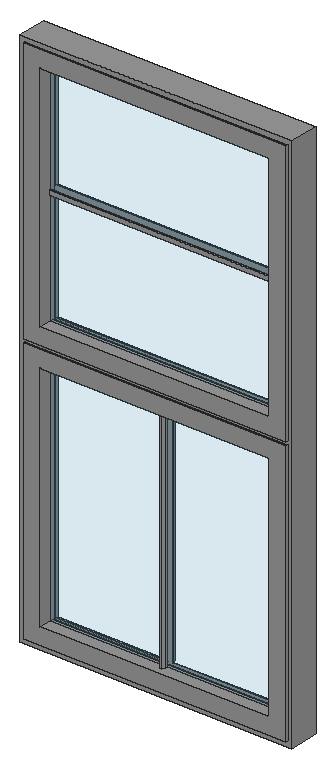
Revit family "Kawneer_Window_GT70s_Pos0081", category Windows, host Wall, Revit 2020 (continued)
Definition of nested family "Kawneer_GT70s_Pos008"
  Definition of nested family "Kawneer_GT70s_Trans8"
    Lines and regions (mm)
      model lines, in view "Ref. Level", detail levels fine
        curve 1448: line (13.937, -54.865, 0) -> (11.753, -52.68, 0)
        curve 1449: line (10.838, -51.766, 0) -> (10.17, -51.097, 0)
        curve 1450: line (8.305, -49.232, 0) -> (7.514, -48.441, 0)
        curve 1451: line (12.336, -55.385, 0) -> (11.75, -54.799, 0)
        curve 1452: line (10.72, -47.702, 0) -> (9.93, -47.702, 0)
        curve 1453: line (11.22, -48.602, 0) -> (11.22, -48.202, 0)
        curve 1454: line (11.22, -50.664, 0) -> (11.22, -50.264, 0)
        curve 1455: line (10.72, -49.764, 0) -> (10.42, -49.764, 0)
        curve 1456: line (9.92, -50.264, 0) -> (9.92, -50.664, 0)
        curve 1457: line (10.42, -51.164, 0) -> (10.72, -51.164, 0)
        curve 1458: line (7.538, -47.364, 0) -> (9.718, -46.044, 0)
        curve 1459: line (9.718, -46.044, 0) -> (10.04, -46.044, 0)
        curve 1460: line (10.04, -46.044, 0) -> (10.367, -46.737, 0)
        curve 1461: line (11.7, -46.438, 0) -> (11.7, -45.279, 0)
        curve 1462: line (13.294, -46.826, 0) -> (13.429, -48.371, 0)
        curve 1463: line (25.69, -48.295, 0) -> (21.867, -49.048, 0)
        curve 1464: line (10.352, -52.387, 0) -> (10.109, -52.926, 0)
        curve 1465: line (10.109, -52.926, 0) -> (9.574, -52.926, 0)
        curve 1466: line (9.574, -52.926, 0) -> (7.4, -51.718, 0)
        curve 1467: line (7.394, -47.853, 0) -> (7.394, -47.62, 0)
        curve 1468: line (5.707, 2.259, 0) -> (7.449, 4.001, 0)
        curve 1469: line (6.116, 0.546, 0) -> (6.686, 1.117, 0)
        curve 1470: line (8.57, 3.001, 0) -> (8.905, 3.335, 0)
        curve 1471: line (8.905, 3.335, 0) -> (9.47, 3.901, 0)
        curve 1472: line (9.47, 3.901, 0) -> (10.286, 3.001, 0)
        curve 1473: line (10.388, 4.818, 0) -> (11.476, 5.906, 0)
        curve 1474: line (7.686, -0.005, 0) -> (8.545, 0.855, 0)
        curve 1475: line (8.545, 0.855, 0) -> (8.833, 1.142, 0)
        curve 1476: line (7.232, 1.662, 0) -> (8.377, 2.788, 0)
        curve 1477: line (8.377, 2.788, 0) -> (9.464, 1.773, 0)
        curve 1478: line (9.464, 1.773, 0) -> (10.3, 2.61, 0)
        curve 1479: line (9.807, -0.005, 0) -> (11.7, 1.888, 0)
        curve 1480: line (12.522, 2.886, 0) -> (11.401, 4.007, 0)
        curve 1481: line (11.401, 4.007, 0) -> (10.369, 5.039, 0)
        curve 1482: line (9.807, 5.601, 0) -> (8.998, 6.41, 0)
        curve 1483: line (11.934, 1.353, 0) -> (11.402, 1.885, 0)
        curve 1484: line (11.218, 2.069, 0) -> (10.605, 2.682, 0)
        curve 1485: line (9.264, 5.418, 0) -> (9.151, 4.118, 0)
        curve 1486: line (9.087, 4.199, 0) -> (8.35, 4.937, 0)
        curve 1487: line (8.35, 4.937, 0) -> (7.7, 5, 0)
        curve 1488: line (8.35, 4.201, 0) -> (8.35, 5.301, 0)
        curve 1489: line (8.35, 5.301, 0) -> (7.908, 5.379, 0)
        curve 1490: line (7.908, 5.379, 0) -> (7.754, 5.532, 0)
        curve 1491: line (10.981, 0.184, 0) -> (10.346, 0.82, 0)
        curve 1492: line (8.165, 3.001, 0) -> (7.165, 4.001, 0)
        curve 1493: line (9.049, -0.005, 0) -> (8.179, 0.865, 0)
        curve 1494: line (8.179, 0.865, 0) -> (7.176, 1.868, 0)
        curve 1495: line (6.518, 2.526, 0) -> (5.779, 3.265, 0)
        curve 1496: line (6.858, 0.064, 0) -> (5.793, 1.13, 0)
        curve 1497: line (9.464, 5.601, 0) -> (10.136, 5.601, 0)
        curve 1498: line (10.336, 5.418, 0) -> (10.449, 4.118, 0)
        curve 1499: line (10.25, 3.901, 0) -> (9.35, 3.901, 0)
        curve 1500: line (7.833, 0.801, 0) -> (7.324, 0.801, 0)
        curve 1501: line (6.737, 3.001, 0) -> (10.93, 3.001, 0)
        curve 1502: line (12.85, 4.001, 0) -> (11.45, 4.001, 0)
        curve 1503: line (11.25, 4.201, 0) -> (11.25, 5.301, 0)
        curve 1504: line (11.25, 5.301, 0) -> (11.685, 5.377, 0)
        curve 1505: line (11.75, 5.747, 0) -> (10.445, 6.501, 0)
        curve 1506: line (10.445, 6.501, 0) -> (9.155, 6.501, 0)
        curve 1507: line (9.155, 6.501, 0) -> (7.85, 5.747, 0)
        curve 1508: line (8.15, 4.001, 0) -> (6.15, 4.001, 0)
        curve 1509: line (7.324, -0.005, 0) -> (10.194, -0.005, 0)
        curve 1510: line (18.85, -67.5, 0) -> (18.971, -68, 0)
        curve 1511: line (18.971, -68, 0) -> (20.971, -66, 0)
        curve 1512: line (18.85, -68, 0) -> (21.092, -68, 0)
        curve 1513: line (21.092, -68, 0) -> (23.092, -66, 0)
        curve 1514: line (21.28, -69.934, 0) -> (21.868, -69.346, 0)
        curve 1515: line (21.868, -69.346, 0) -> (22.41, -68.803, 0)
        curve 1516: line (22.55, -67.9, 0) -> (23.314, -67.9, 0)
        curve 1517: line (23.314, -67.9, 0) -> (25.214, -66, 0)
        curve 1518: line (25.335, -68, 0) -> (27.335, -66, 0)
        curve 1519: line (27.335, -66, 0) -> (20.35, -66, 0)
        curve 1520: line (27.308, -68.149, 0) -> (28.669, -66.787, 0)
        curve 1521: line (27.18, -70.398, 0) -> (29.818, -67.759, 0)
        curve 1522: line (27.755, -71.944, 0) -> (28.839, -70.86, 0)
        curve 1523: line (26.463, -66, 0) -> (30.076, -69.623, 0)
        curve 1524: line (30.076, -69.623, 0) -> (32.151, -67.547, 0)
        curve 1525: line (32.159, -67.547, 0) -> (33.357, -68.651, 0)
        curve 1526: line (33.099, -68.721, 0) -> (34.484, -67.336, 0)
        curve 1527: line (34.484, -67.336, 0) -> (29.385, -67.798, 0)
        curve 1528: line (34.892, -68.065, 0) -> (34.19, -67.363, 0)
        curve 1529: line (31.69, -69.105, 0) -> (30.3, -67.715, 0)
        curve 1530: line (28.974, -70.632, 0) -> (27.297, -68.955, 0)
        curve 1531: line (26.342, -68, 0) -> (24.342, -66, 0)
        curve 1532: line (28.048, -71.827, 0) -> (27.137, -70.917, 0)
        curve 1533: line (24.295, -70.195, 0) -> (23.442, -69.342, 0)
        curve 1534: line (23.442, -69.342, 0) -> (23.549, -68.117, 0)
        curve 1535: line (22.464, -69.417, 0) -> (22.363, -68.264, 0)
        curve 1536: line (22.363, -68.264, 0) -> (20.117, -66.018, 0)
        curve 1537: line (19.978, -68, 0) -> (18.947, -66.969, 0)
        curve 1538: line (23.236, -69.6, 0) -> (22.663, -69.6, 0)
        curve 1539: line (24.35, -69.1, 0) -> (24.35, -68.3, 0)
        curve 1540: line (24.35, -68.3, 0) -> (22.221, -66, 0)
        curve 1541: line (24.65, -68, 0) -> (27.049, -68, 0)
        curve 1542: line (27.348, -68.324, 0) -> (27.05, -72, 0)
        curve 1543: line (27.05, -72, 0) -> (27.35, -72, 0)
        curve 1544: line (30.697, -69.376, 0) -> (34.58, -68.317, 0)
        curve 1545: line (21.55, -68.3, 0) -> (21.55, -69.1, 0)
        curve 1546: line (8.245, -18.531, 0) -> (9.225, -17.551, 0)
        curve 1547: line (9.225, -17.551, 0) -> (9.903, -17.551, 0)
        curve 1548: line (11.703, -20.051, 0) -> (11.703, -25.957, 0)
        curve 1549: line (11.703, -25.938, 0) -> (8.388, -22.63, 0)
        curve 1550: line (8.388, -22.63, 0) -> (11.419, -19.6, 0)
        curve 1551: line (8.603, -24.536, 0) -> (11.703, -21.436, 0)
        curve 1552: line (7.241, -28.021, 0) -> (11.703, -23.558, 0)
        curve 1553: line (8.813, -28.569, 0) -> (11.703, -25.679, 0)
        curve 1554: line (11.462, -30.163, 0) -> (12.222, -29.403, 0)
        curve 1555: line (12.222, -29.403, 0) -> (14.673, -26.952, 0)
        curve 1556: line (7.287, -36.459, 0) -> (9.292, -34.455, 0)
        curve 1557: line (15.298, -28.448, 0) -> (16.8, -26.947, 0)
        curve 1558: line (16.8, -26.947, 0) -> (19.909, -29.901, 0)
        curve 1559: line (9.231, -36.637, 0) -> (12.544, -33.323, 0)
        curve 1560: line (12.544, -33.323, 0) -> (13.103, -32.764, 0)
        curve 1561: line (17.42, -28.448, 0) -> (18.926, -26.942, 0)
        curve 1562: line (18.887, -26.942, 0) -> (12.706, -26.957, 0)
        curve 1563: line (12.706, -26.957, 0) -> (12.061, -27.443, 0)
        curve 1564: line (12.061, -27.443, 0) -> (10.425, -29.079, 0)
        curve 1565: line (11.133, -36.856, 0) -> (12.706, -35.283, 0)
        curve 1566: line (12.706, -35.283, 0) -> (18.66, -29.329, 0)
        curve 1567: line (18.66, -29.329, 0) -> (19.946, -28.043, 0)
        curve 1568: line (19.946, -28.043, 0) -> (22.218, -28.962, 0)
        curve 1569: line (9.511, -44.015, 0) -> (7.756, -42.355, 0)
        curve 1570: line (7.756, -42.355, 0) -> (8.559, -41.551, 0)
        curve 1571: line (18.092, -32.018, 0) -> (19.372, -30.738, 0)
        curve 1572: line (19.372, -30.738, 0) -> (19.909, -30.201, 0)
        curve 1573: line (20.857, -29.253, 0) -> (21.456, -28.654, 0)
        curve 1574: line (13.868, -42.951, 0) -> (11.6, -40.632, 0)
        curve 1575: line (11.6, -40.632, 0) -> (13.028, -39.204, 0)
        curve 1576: line (13.028, -39.204, 0) -> (13.147, -39.085, 0)
        curve 1577: line (13.399, -38.833, 0) -> (14.943, -37.289, 0)
        curve 1578: line (18.407, -33.825, 0) -> (19.909, -32.322, 0)
        curve 1579: line (11.402, -42.951, 0) -> (13.163, -41.19, 0)
        curve 1580: line (15.564, -38.789, 0) -> (17.064, -37.289, 0)
        curve 1581: line (18.403, -35.95, 0) -> (19.909, -34.443, 0)
        curve 1582: line (19.909, -34.443, 0) -> (19.909, -29.15, 0)
        curve 1583: line (13.523, -42.951, 0) -> (15.02, -41.454, 0)
        curve 1584: line (17.685, -38.789, 0) -> (18.568, -37.906, 0)
        curve 1585: line (18.568, -37.906, 0) -> (19.909, -36.565, 0)
        curve 1586: line (22.04, -36.033, 0) -> (20.748, -35.727, 0)
        curve 1587: line (20.748, -35.727, 0) -> (21.35, -35.124, 0)
        curve 1588: line (15.644, -42.951, 0) -> (17.141, -41.454, 0)
        curve 1589: line (18.397, -40.198, 0) -> (19.175, -39.42, 0)
        curve 1590: line (19.175, -39.42, 0) -> (19.909, -38.687, 0)
        curve 1591: line (10.789, -42.951, 0) -> (17.766, -42.951, 0)
        curve 1592: line (17.766, -42.951, 0) -> (19.782, -40.935, 0)
        curve 1593: line (19.782, -40.935, 0) -> (19.909, -40.808, 0)
        curve 1594: line (19.909, -40.808, 0) -> (19.909, -35.67, 0)
        curve 1595: line (18.436, -44.402, 0) -> (19.909, -42.929, 0)
        curve 1596: line (21.546, -29.416, 0) -> (20.376, -28.246, 0)
        curve 1597: line (19.893, -27.763, 0) -> (19.087, -26.957, 0)
        curve 1598: line (11.703, -21.695, 0) -> (8.352, -18.343, 0)
        curve 1599: line (19.909, -32.022, 0) -> (17.726, -29.838, 0)
        curve 1600: line (16.335, -28.448, 0) -> (14.839, -26.952, 0)
        curve 1601: line (11.703, -23.816, 0) -> (7.584, -19.697, 0)
        curve 1602: line (21.724, -35.959, 0) -> (20.598, -34.832, 0)
        curve 1603: line (17.769, -32.003, 0) -> (16.665, -30.899, 0)
        curve 1604: line (14.214, -28.448, 0) -> (12.722, -26.957, 0)
        curve 1605: line (8.42, -22.655, 0) -> (7.094, -21.328, 0)
        curve 1606: line (19.909, -36.264, 0) -> (18.405, -34.76, 0)
        curve 1607: line (16.665, -33.02, 0) -> (15.604, -31.96, 0)
        curve 1608: line (13.103, -29.459, 0) -> (12.148, -28.504, 0)
        curve 1609: line (12.148, -28.504, 0) -> (8.603, -24.959, 0)
        curve 1610: line (19.909, -38.386, 0) -> (18.401, -36.878, 0)
        curve 1611: line (18.401, -36.878, 0) -> (18.409, -32.643, 0)
        curve 1612: line (18.409, -32.643, 0) -> (19.909, -34.144, 0)
        curve 1613: line (15.604, -34.081, 0) -> (14.544, -33.02, 0)
        curve 1614: line (13.103, -31.58, 0) -> (12.338, -30.815, 0)
        curve 1615: line (12.338, -30.815, 0) -> (11.11, -29.586, 0)
        curve 1616: line (10.919, -29.396, 0) -> (7.57, -26.047, 0)
        curve 1617: line (7.57, -26.047, 0) -> (8.103, -26.046, 0)
        curve 1618: line (21.252, -41.586, 0) -> (20.638, -42.201, 0)
        curve 1619: line (20.635, -42.2, 0) -> (21.903, -42.501, 0)
        curve 1620: line (21.903, -42.501, 0) -> (20.821, -41.419, 0)
        curve 1621: line (19.909, -40.507, 0) -> (19.411, -40.009, 0)
        curve 1622: line (19.411, -40.009, 0) -> (16.691, -37.289, 0)
        curve 1623: line (14.544, -35.142, 0) -> (12.528, -33.126, 0)
        curve 1624: line (12.528, -33.126, 0) -> (11.603, -32.201, 0)
        curve 1625: line (11.603, -32.201, 0) -> (12.383, -31.363, 0)
        curve 1626: line (12.383, -31.363, 0) -> (13.103, -30.643, 0)
        curve 1627: line (10.188, -28.99, 0) -> (7.6, -28.198, 0)
        curve 1628: line (7.6, -28.198, 0) -> (7.104, -27.702, 0)
        curve 1629: line (7.104, -27.702, 0) -> (7.104, -26.571, 0)
        curve 1630: line (19.909, -42.628, 0) -> (18.386, -41.105, 0)
        curve 1631: line (18.386, -41.105, 0) -> (18.409, -39.289, 0)
        curve 1632: line (16.07, -38.789, 0) -> (14.57, -37.289, 0)
        curve 1633: line (13.483, -36.202, 0) -> (12.718, -35.438, 0)
        curve 1634: line (12.718, -35.438, 0) -> (11.346, -34.066, 0)
        curve 1635: line (19.78, -44.621, 0) -> (18.303, -43.144, 0)
        curve 1636: line (18.303, -43.144, 0) -> (16.614, -41.454, 0)
        curve 1637: line (13.948, -38.789, 0) -> (12.908, -37.749, 0)
        curve 1638: line (12.908, -37.749, 0) -> (9.6, -34.441, 0)
        curve 1639: line (15.989, -42.951, 0) -> (14.492, -41.454, 0)
        curve 1640: line (13.103, -40.065, 0) -> (11.603, -38.565, 0)
        curve 1641: line (11.603, -38.565, 0) -> (12.867, -37.244, 0)
        curve 1642: line (12.867, -37.244, 0) -> (13.138, -36.972, 0)
        curve 1643: line (9.697, -36.659, 0) -> (7.568, -34.53, 0)
        curve 1644: line (7.568, -34.53, 0) -> (10.647, -34.395, 0)
        curve 1645: line (10.647, -36.705, 0) -> (7.47, -36.553, 0)
        curve 1646: line (7.47, -36.553, 0) -> (7.122, -36.205, 0)
        curve 1647: line (7.122, -36.205, 0) -> (7.103, -35.029, 0)
        curve 1648: line (11.747, -42.951, 0) -> (10.347, -41.551, 0)
        curve 1649: line (10.499, -43.174, 0) -> (10.361, -43.687, 0)
        curve 1650: line (10.361, -43.687, 0) -> (8.225, -41.551, 0)
        curve 1651: line (8.225, -41.551, 0) -> (10.684, -41.551, 0)
        curve 1652: line (10.684, -41.551, 0) -> (8.846, -43.386, 0)
        curve 1653: line (18.262, -29.302, 0) -> (13.957, -33.607, 0)
        curve 1654: line (13.103, -33.254, 0) -> (13.103, -28.948, 0)
        curve 1655: line (13.603, -28.448, 0) -> (17.909, -28.448, 0)
        curve 1656: line (13.103, -40.954, 0) -> (13.103, -39.289, 0)
        curve 1657: line (13.603, -38.789, 0) -> (17.909, -38.789, 0)
        curve 1658: line (17.909, -41.454, 0) -> (13.603, -41.454, 0)
        curve 1659: line (17.909, -37.289, 0) -> (13.603, -37.289, 0)
        curve 1660: line (13.25, -36.436, 0) -> (17.555, -32.13, 0)
        curve 1661: line (22.218, -35.462, 0) -> (20.036, -34.614, 0)
        curve 1662: line (20.635, -29.2, 0) -> (22.04, -29.533, 0)
        curve 1663: line (10.403, -19.251, 0) -> (10.403, -18.051, 0)
        curve 1664: line (8.657, -17.805, 0) -> (7.168, -20.43, 0)
        curve 1665: line (7.103, -20.676, 0) -> (7.103, -22.041, 0)
        curve 1666: line (7.603, -22.541, 0) -> (8.103, -22.541, 0)
        curve 1667: line (8.603, -23.041, 0) -> (8.603, -25.546, 0)
        curve 1668: line (11.603, -30.902, 0) -> (11.603, -33.396, 0)
        curve 1669: line (11.603, -37.704, 0) -> (11.603, -40.551, 0)
        curve 1670: line (18.409, -43.451, 0) -> (18.409, -44.201, 0)
        curve 1671: line (19.909, -44.201, 0) -> (19.909, -42.17, 0)
        curve 1672: line (22.218, -41.962, 0) -> (20.036, -41.114, 0)
        curve 1673: line (58.95, -33.43, 0) -> (56.169, -30.648, 0)
        curve 1674: line (58.95, -36.966, 0) -> (51.907, -29.922, 0)
        curve 1675: line (58.95, -40.501, 0) -> (49.079, -30.63, 0)
        curve 1676: line (58.209, -46.831, 0) -> (46.9, -35.522, 0)
        curve 1677: line (55.931, -48.088, 0) -> (46.9, -39.058, 0)
        curve 1678: line (52.637, -48.33, 0) -> (46.988, -42.681, 0)
        curve 1679: line (46.9, -33.43, 0) -> (50.061, -30.269, 0)
        curve 1680: line (46.9, -36.966, 0) -> (53.879, -29.987, 0)
        curve 1681: line (46.9, -40.501, 0) -> (56.566, -30.836, 0)
        curve 1682: line (47.241, -43.696, 0) -> (58.645, -32.293, 0)
        curve 1683: line (48.508, -45.965, 0) -> (58.95, -35.522, 0)
        curve 1684: line (50.446, -47.562, 0) -> (58.95, -39.058, 0)
        curve 1685: line (53.146, -48.397, 0) -> (58.95, -42.593, 0)
        curve 1686: line (58.603, -46.476, 0) -> (58.745, -46.334, 0)
        curve 1687: line (46.9, -41.9, 0) -> (46.9, -38.7, 0)
        curve 1688: line (46.9, -38.7, 0) -> (46.9, -31.99, 0)
        curve 1689: line (46.9, -31.99, 0) -> (58.95, -44.037, 0)
        curve 1690: line (58.95, -32.595, 0) -> (58.95, -46.113, 0)
        curve 1691: line (52.7, 8, 0) -> (66.5, 8, 0)
        curve 1692: line (67, 7.5, 0) -> (67, -31.4, 0)
        curve 1693: line (66.5, -31.9, 0) -> (65.2, -31.9, 0)
        curve 1694: line (64.7, -31.4, 0) -> (64.7, -30.9, 0)
        curve 1695: line (65.8, -29.9, 0) -> (65.8, -6.7, 0)
        curve 1696: line (65.3, -6.2, 0) -> (49.85, -6.2, 0)
        curve 1697: line (49.709, -6.541, 0) -> (50.391, -7.224, 0)
        curve 1698: line (50.391, -7.224, 0) -> (50.45, -7.6, 0)
        curve 1699: line (50.25, -7.8, 0) -> (49.784, -7.8, 0)
        curve 1700: line (49.534, -7.733, 0) -> (47.903, -6.792, 0)
        curve 1701: line (48.356, -5.1, 0) -> (64.744, -5.1, 0)
        curve 1702: line (65.744, -4.082, 0) -> (65.576, 5.08, 0)
        curve 1703: line (64.078, 6.5, 0) -> (55.933, 6.5, 0)
        curve 1704: line (55.5, 6.25, 0) -> (53.97, 3.6, 0)
        curve 1705: line (52.238, 2.6, 0) -> (49.559, 2.6, 0)
        curve 1706: line (49.205, 3.454, 0) -> (49.764, 4.012, 0)
        curve 1707: line (50.566, 3.8, 0) -> (52.123, 3.8, 0)
        curve 1708: line (52.989, 4.3, 0) -> (53.999, 6.05, 0)
        curve 1709: line (53.566, 6.8, 0) -> (52.4, 6.8, 0)
        curve 1710: line (52.2, 7, 0) -> (52.2, 7.5, 0)
        curve 1711: line (60.098, -65, 0) -> (64.749, -69.651, 0)
        curve 1712: line (63.119, -65.9, 0) -> (65.219, -68, 0)
        curve 1713: line (65.06, -65.148, 0) -> (64.939, -65.599, 0)
        curve 1714: line (64.939, -65.599, 0) -> (66.836, -67.495, 0)
        curve 1715: line (66.462, -65, 0) -> (67.104, -65.642, 0)
        curve 1716: line (65.902, -65, 0) -> (61.251, -69.651, 0)
        curve 1717: line (62.881, -65.9, 0) -> (60.781, -68, 0)
        curve 1718: line (60.94, -65.148, 0) -> (61.061, -65.599, 0)
        curve 1719: line (61.061, -65.599, 0) -> (59.164, -67.495, 0)
        curve 1720: line (59.538, -65, 0) -> (58.896, -65.642, 0)
        curve 1721: line (64.914, -69.415, 0) -> (64.494, -70.015, 0)
        curve 1722: line (64.33, -70.1, 0) -> (63.765, -70.1, 0)
        curve 1723: line (63.592, -70, 0) -> (63.173, -69.274, 0)
        curve 1724: line (62.827, -69.274, 0) -> (62.408, -70, 0)
        curve 1725: line (62.235, -70.1, 0) -> (61.67, -70.1, 0)
        curve 1726: line (61.506, -70.015, 0) -> (61.086, -69.415, 0)
        curve 1727: line (59.211, -67.817, 0) -> (58.835, -65.217, 0)
        curve 1728: line (59.034, -65, 0) -> (60.747, -65, 0)
        curve 1729: line (61.295, -65.9, 0) -> (64.706, -65.9, 0)
        curve 1730: line (65.253, -65, 0) -> (66.966, -65, 0)
        curve 1731: line (67.165, -65.217, 0) -> (66.789, -67.817, 0)
        curve 1732: line (-41.999, -70, 0) -> (-41.999, -67.8, 0)
        curve 1733: line (-39.999, -65.8, 0) -> (-35.299, -65.8, 0)
        curve 1734: line (-35.099, -65.6, 0) -> (-35.099, -58.6, 0)
        curve 1735: line (-35.299, -58.4, 0) -> (-45.299, -58.4, 0)
        curve 1736: line (-45.499, -58.6, 0) -> (-45.499, -70, 0)
        curve 1737: line (-44.999, -70.5, 0) -> (-42.499, -70.5, 0)
        curve 1738: line (-38.999, -71, 0) -> (-38.999, -71.5, 0)
        curve 1739: line (-39.499, -72, 0) -> (-66.499, -72, 0)
        curve 1740: line (-66.999, -71.5, 0) -> (-66.999, -68.5, 0)
        curve 1741: line (-63.384, -69.639, 0) -> (-64.499, -68.5, 0)
        curve 1742: line (-64.499, -68.5, 0) -> (-64.499, -68.8, 0)
        curve 1743: line (-64.499, -68.8, 0) -> (-64.55, -68, 0)
        curve 1744: line (-64.55, -68, 0) -> (-66.499, -68, 0)
        curve 1745: line (-66.499, -68, 0) -> (-64.999, -68, 0)
        curve 1746: line (-64.999, -68, 0) -> (-67.057, -65.967, 0)
        curve 1747: line (-64.699, -69, 0) -> (-65.299, -69, 0)
        curve 1748: line (-65.799, -69.5, 0) -> (-65.799, -70.1, 0)
        curve 1749: line (-65.299, -70.6, 0) -> (-60.699, -70.6, 0)
        curve 1750: line (-60.199, -70.1, 0) -> (-60.199, -69.5, 0)
        curve 1751: line (-60.699, -69, 0) -> (-61.299, -69, 0)
        curve 1752: line (-59.41, -68, 0) -> (-61.45, -68, 0)
        curve 1753: line (-61.45, -68, 0) -> (-61.499, -68.8, 0)
        curve 1754: line (-61.499, -68.8, 0) -> (-61.499, -68.5, 0)
        curve 1755: line (-61.499, -68.5, 0) -> (-62.616, -69.639, 0)
        curve 1756: line (-58.943, -65.967, 0) -> (-60.999, -68, 0)
        curve 1757: line (-60.999, -68, 0) -> (-57.899, -68, 0)
        curve 1758: line (-57.899, -68.8, 0) -> (-58.799, -68.8, 0)
        curve 1759: line (-58.999, -69, 0) -> (-58.999, -69.9, 0)
        curve 1760: line (-58.499, -70.4, 0) -> (-55.999, -70.4, 0)
        curve 1761: line (-55.999, -70.4, 0) -> (-47.488, -70.211, 0)
        curve 1762: line (-46.999, -69.711, 0) -> (-46.999, -53.933, 0)
        curve 1763: line (-44.972, -55.042, 0) -> (-45.586, -56.523, 0)
        curve 1764: line (-45.401, -56.8, 0) -> (-41.799, -56.8, 0)
        curve 1765: line (-41.799, -56.8, 0) -> (-42.821, -56.8, 0)
        curve 1766: line (-41.599, -56.6, 0) -> (-41.599, -56.06, 0)
        curve 1767: line (-41.599, -56.06, 0) -> (-42.386, -54.698, 0)
        curve 1768: line (-42.386, -54.698, 0) -> (-41.6, -56.05, 0)
        curve 1769: line (-41.6, -56.05, 0) -> (-41.6, -56.581, 0)
        curve 1770: line (-42.519, -53.867, 0) -> (-42.415, -54.3, 0)
        curve 1771: line (-42.415, -54.3, 0) -> (-42.038, -54.3, 0)
        curve 1772: line (-36.26, -54.3, 0) -> (-35.883, -54.3, 0)
        curve 1773: line (-35.883, -54.3, 0) -> (-35.778, -53.863, 0)
        curve 1774: line (-35.913, -54.698, 0) -> (-36.699, -56.06, 0)
        curve 1775: line (-36.699, -56.06, 0) -> (-36.699, -56.6, 0)
        curve 1776: line (-36.699, -56.6, 0) -> (-36.697, -56.05, 0)
        curve 1777: line (-36.697, -56.05, 0) -> (-35.845, -54.574, 0)
        curve 1778: line (-35.477, -56.8, 0) -> (-36.495, -56.8, 0)
        curve 1779: line (-36.495, -56.8, 0) -> (-32.901, -56.8, 0)
        curve 1780: line (-32.713, -56.523, 0) -> (-33.326, -55.042, 0)
        curve 1781: line (-32.897, -56.6, 0) -> (-32.897, -55.719, 0)
        curve 1782: line (-32.897, -55.719, 0) -> (-33.479, -54.672, 0)
        curve 1783: line (-33.479, -54.672, 0) -> (-31.749, -53.673, 0)
        curve 1784: line (-31.299, -53.933, 0) -> (-31.299, -57.228, 0)
        curve 1785: line (-31.13, -57.426, 0) -> (-30.262, -57.588, 0)
        curve 1786: line (-30.099, -57.785, 0) -> (-30.099, -58.4, 0)
        curve 1787: line (-30.299, -58.6, 0) -> (-33.099, -58.6, 0)
        curve 1788: line (-33.599, -59.1, 0) -> (-33.599, -65.3, 0)
        curve 1789: line (-33.099, -65.8, 0) -> (-31.699, -65.8, 0)
        curve 1790: line (-31.199, -66.3, 0) -> (-31.199, -66.8, 0)
        curve 1791: line (-31.699, -67.3, 0) -> (-39.999, -67.3, 0)
        curve 1792: line (-40.499, -67.8, 0) -> (-40.499, -70, 0)
        curve 1793: line (-39.999, -70.5, 0) -> (-39.499, -70.5, 0)
        curve 1794: line (-29.8, -19.8, 0) -> (-29.8, 6.3, 0)
        curve 1795: line (-30, 6.5, 0) -> (-45, 6.5, 0)
        curve 1796: line (-45.2, 6.3, 0) -> (-45.2, 5.187, 0)
        curve 1797: line (-45.5, 4.8, 0) -> (-45.5, -18.313, 0)
        curve 1798: line (-45.2, -18.7, 0) -> (-45.2, -19.8, 0)
        curve 1799: line (-45, -20, 0) -> (-43.873, -20, 0)
        curve 1800: line (-43.527, -20.2, 0) -> (-31.947, -20.2, 0)
        curve 1801: line (-31.627, -20, 0) -> (-30, -20, 0)
        curve 1802: line (-51, 8, 0) -> (-8, 8, 0)
        curve 1803: line (-6, 6, 0) -> (-6, 4.5, 0)
        curve 1804: line (-6.5, 4, 0) -> (-7.9, 4, 0)
        curve 1805: line (-8.4, 4.5, 0) -> (-8.4, 4.8, 0)
        curve 1806: line (-8.4, 4.8, 0) -> (-9.949, 6.501, 0)
        curve 1807: line (-7.2, 5.5, 0) -> (-7.2, 6.1, 0)
        curve 1808: line (-7.7, 6.6, 0) -> (-11.8, 6.6, 0)
        curve 1809: line (-12.3, 6.1, 0) -> (-12.3, 5.5, 0)
        curve 1810: line (-11.8, 5, 0) -> (-11.5, 5, 0)
        curve 1811: line (-11.3, 4.8, 0) -> (-11.3, 4.5, 0)
        curve 1812: line (-10.692, 3.001, 0) -> (-11.8, 4, 0)
        curve 1813: line (-11.8, 4, 0) -> (-12.6, 4, 0)
        curve 1814: line (-13.1, 4.5, 0) -> (-13.1, 5.7, 0)
        curve 1815: line (-13.6, 6.2, 0) -> (-26.5, 6.2, 0)
        curve 1816: line (-28, 4.7, 0) -> (-28, 2.5, 0)
        curve 1817: line (-27.5, 2, 0) -> (-24, 2, 0)
        curve 1818: line (-23.5, 1.5, 0) -> (-23.5, -2, 0)
        curve 1819: line (-24, -2.5, 0) -> (-24.5, -2.5, 0)
        curve 1820: line (-25, -2, 0) -> (-25, -0.5, 0)
        curve 1821: line (-25.5, 0, 0) -> (-27.207, 0, 0)
        curve 1822: line (-27.207, 0, 0) -> (-27.74, 0.154, 0)
        curve 1823: line (-28, -0.793, 0) -> (-28, -19.207, 0)
        curve 1824: line (-27.207, -20, 0) -> (-25.5, -20, 0)
        curve 1825: line (-25, -19.5, 0) -> (-25, -18, 0)
        curve 1826: line (-24.5, -17.5, 0) -> (-24, -17.5, 0)
        curve 1827: line (-23.5, -18, 0) -> (-23.5, -21.5, 0)
        curve 1828: line (-24, -22, 0) -> (-29.654, -22, 0)
        curve 1829: line (-30, -21.8, 0) -> (-30.8, -21.8, 0)
        curve 1830: line (-31.3, -22.3, 0) -> (-31.3, -24.667, 0)
        curve 1831: line (-33.327, -23.558, 0) -> (-32.713, -22.077, 0)
        curve 1832: line (-32.899, -21.8, 0) -> (-36.5, -21.8, 0)
        curve 1833: line (-36.5, -21.8, 0) -> (-35.482, -21.8, 0)
        curve 1834: line (-36.7, -22.001, 0) -> (-36.7, -22.54, 0)
        curve 1835: line (-36.7, -22.54, 0) -> (-35.914, -23.902, 0)
        curve 1836: line (-35.914, -23.902, 0) -> (-36.697, -22.55, 0)
        curve 1837: line (-36.697, -22.55, 0) -> (-36.697, -22, 0)
        curve 1838: line (-35.778, -24.737, 0) -> (-35.884, -24.3, 0)
        curve 1839: line (-35.884, -24.3, 0) -> (-36.261, -24.3, 0)
        curve 1840: line (-42.039, -24.3, 0) -> (-42.416, -24.3, 0)
        curve 1841: line (-42.416, -24.3, 0) -> (-42.519, -24.737, 0)
        curve 1842: line (-42.386, -23.902, 0) -> (-41.6, -22.54, 0)
        curve 1843: line (-41.6, -22.54, 0) -> (-41.6, -22, 0)
        curve 1844: line (-41.6, -22, 0) -> (-41.6, -22.55, 0)
        curve 1845: line (-41.6, -22.55, 0) -> (-42.452, -24.026, 0)
        curve 1846: line (-42.82, -21.8, 0) -> (-41.8, -21.8, 0)
        curve 1847: line (-41.8, -21.8, 0) -> (-45.402, -21.8, 0)
        curve 1848: line (-45.586, -22.077, 0) -> (-44.973, -23.558, 0)
        curve 1849: line (-45.4, -22, 0) -> (-45.4, -22.881, 0)
        curve 1850: line (-45.4, -22.881, 0) -> (-44.82, -23.928, 0)
        curve 1851: line (-44.82, -23.928, 0) -> (-46.55, -24.927, 0)
        curve 1852: line (-47, -24.667, 0) -> (-47, -10.5, 0)
        curve 1853: line (-47.5, -10, 0) -> (-50.8, -10, 0)
        curve 1854: line (-51.8, -9, 0) -> (-51.8, -7.839, 0)
        curve 1855: line (-50.5, -6.4, 0) -> (-50.5, -7.8, 0)
        curve 1856: line (-50, -8.3, 0) -> (-47.5, -8.3, 0)
        curve 1857: line (-47, -7.8, 0) -> (-47, 5.7, 0)
        curve 1858: line (-47.5, 6.2, 0) -> (-50, 6.2, 0)
        curve 1859: line (-50.5, 5.7, 0) -> (-50.5, 4, 0)
        curve 1860: line (-52, 5.658, 0) -> (-52, 7, 0)
        curve 1861: line (-44.605, -50.286, 0) -> (-43.22, -51.936, 0)
        curve 1862: line (-44.379, -56.8, 0) -> (-45.2, -56.8, 0)
        curve 1863: line (-45.4, -56.6, 0) -> (-45.4, -55.719, 0)
        curve 1864: line (-45.4, -55.719, 0) -> (-44.919, -54.558, 0)
        curve 1865: line (-44.919, -54.558, 0) -> (-46.549, -53.673, 0)
        curve 1866: line (-45.645, -53.201, 0) -> (-46.45, -52.736, 0)
        curve 1867: line (-46.95, -51.87, 0) -> (-46.95, -26.73, 0)
        curve 1868: line (-46.45, -25.864, 0) -> (-45.645, -25.399, 0)
        curve 1869: line (-45.2, -21.8, 0) -> (-44.379, -21.8, 0)
        curve 1870: line (-43.221, -26.665, 0) -> (-44.605, -28.315, 0)
        curve 1871: line (-45.036, -37.6, 0) -> (-36.75, -37.6, 0)
        curve 1872: line (-36.75, -38.8, 0) -> (-45.05, -38.8, 0)
        curve 1873: line (58.73, -35.602, 0) -> (60.021, -37.005, 0)
        curve 1874: line (60.021, -37.005, 0) -> (64.669, -32.005, 0)
        curve 1875: line (60.834, -33.277, 0) -> (62.692, -35.297, 0)
        curve 1876: line (63.411, -31.466, 0) -> (66.357, -34.668, 0)
        curve 1877: line (66.357, -34.668, 0) -> (65.061, -36.19, 0)
        curve 1878: line (66.827, -35.18, 0) -> (68.507, -37.005, 0)
        curve 1879: line (68.507, -37.005, 0) -> (69.826, -35.622, 0)
        curve 1880: line (66.028, -32.005, 0) -> (68.687, -34.896, 0)
        curve 1881: line (69.002, -35.238, 0) -> (70.562, -36.934, 0)
        curve 1882: line (67.112, -30.877, 0) -> (69.428, -33.395, 0)
        curve 1883: line (70.278, -35.131, 0) -> (69.981, -35.453, 0)
        curve 1884: line (69.525, -33.644, 0) -> (68.494, -34.765, 0)
        curve 1885: line (69.02, -31.887, 0) -> (67.304, -33.752, 0)
        curve 1886: line (68.381, -30.276, 0) -> (63.925, -35.119, 0)
        curve 1887: line (62.833, -31.694, 0) -> (58.1, -36.839, 0)
        curve 1888: line (-30.547, -46.799, 0) -> (-26.847, -46.799, 0)
        curve 1889: line (-25.347, -45.299, 0) -> (-25.347, -38.899, 0)
        curve 1890: line (-26.347, -37.899, 0) -> (-29.918, -37.899, 0)
        curve 1891: line (-30.727, -38.311, 0) -> (-31.856, -39.866, 0)
        curve 1892: line (-32.047, -40.454, 0) -> (-32.047, -45.299, 0)
        curve 1893: line (-31.754, -36.182, 0) -> (-31.03, -36.906, 0)
        curve 1894: line (-30.323, -37.199, 0) -> (-26.347, -37.199, 0)
        curve 1895: line (-25.347, -36.199, 0) -> (-25.347, -29.799, 0)
        curve 1896: line (-26.847, -28.299, 0) -> (-30.547, -28.299, 0)
        curve 1897: line (-32.047, -29.799, 0) -> (-32.047, -35.474, 0)
        curve 1898: line (-24.847, -47.799, 0) -> (-30.347, -47.799, 0)
        curve 1899: line (-31.347, -48.799, 0) -> (-31.347, -51.87, 0)
        curve 1900: line (-31.847, -52.736, 0) -> (-32.652, -53.201, 0)
        curve 1901: line (-33.097, -56.8, 0) -> (-33.918, -56.8, 0)
        curve 1902: line (-35.077, -51.936, 0) -> (-33.749, -50.353, 0)
        curve 1903: line (-33.047, -48.425, 0) -> (-33.047, -41.499, 0)
        curve 1904: line (-33.547, -40.999, 0) -> (-41.347, -40.999, 0)
        curve 1905: line (-41.347, -39.799, 0) -> (-33.298, -39.799, 0)
        curve 1906: line (-32.894, -39.593, 0) -> (-32.176, -38.605, 0)
        curve 1907: line (-33.047, -35.993, 0) -> (-33.047, -30.173, 0)
        curve 1908: line (-33.749, -28.247, 0) -> (-35.077, -26.664, 0)
        curve 1909: line (-33.918, -21.8, 0) -> (-33.097, -21.8, 0)
        curve 1910: line (-32.897, -22, 0) -> (-32.897, -22.881, 0)
        curve 1911: line (-32.897, -22.881, 0) -> (-33.378, -24.042, 0)
        curve 1912: line (-33.378, -24.042, 0) -> (-31.75, -24.927, 0)
        curve 1913: line (-32.652, -25.399, 0) -> (-31.847, -25.864, 0)
        curve 1914: line (-30.607, -27.299, 0) -> (-25.847, -27.299, 0)
        curve 1915: line (-24.347, -28.799, 0) -> (-24.347, -47.299, 0)
        curve 1916: line (-7.749, -48.822, 0) -> (-10.137, -46.434, 0)
        curve 1917: line (-8.699, -49.994, 0) -> (-9.804, -48.89, 0)
        curve 1918: line (-10.982, -47.711, 0) -> (-12.893, -45.8, 0)
        curve 1919: line (-8.491, -52.324, 0) -> (-9.958, -50.856, 0)
        curve 1920: line (-9.958, -50.856, 0) -> (-8.694, -49.621, 0)
        curve 1921: line (-8.694, -49.621, 0) -> (-8.706, -50.444, 0)
        curve 1922: line (-10.978, -49.836, 0) -> (-11.706, -49.108, 0)
        curve 1923: line (-11.706, -49.108, 0) -> (-13.35, -47.465, 0)
        curve 1924: line (-8.056, -50.238, 0) -> (-8.095, -50.598, 0)
        curve 1925: line (-8.095, -50.598, 0) -> (-7.25, -51.443, 0)
        curve 1926: line (-7.25, -51.443, 0) -> (-7.25, -50.299, 0)
        curve 1927: line (-7.25, -50.299, 0) -> (-10.01, -52.926, 0)
        curve 1928: line (-10.01, -52.926, 0) -> (-10.191, -52.745, 0)
        curve 1929: line (-11.189, -51.747, 0) -> (-13.708, -49.228, 0)
        curve 1930: line (-11.758, -53.299, 0) -> (-14.923, -50.134, 0)
        curve 1931: line (-11.75, -52.433, 0) -> (-11.778, -55.401, 0)
        curve 1932: line (-11.778, -55.401, 0) -> (-17.273, -49.906, 0)
        curve 1933: line (-14.675, -54.625, 0) -> (-19.828, -49.471, 0)
        curve 1934: line (-12.012, -55.49, 0) -> (-17.817, -53.604, 0)
        curve 1935: line (-17.817, -53.604, 0) -> (-22.384, -49.037, 0)
        curve 1936: line (-22.384, -49.037, 0) -> (-24.288, -47.133, 0)
        curve 1937: line (-21.292, -52.251, 0) -> (-24.94, -48.602, 0)
        curve 1938: line (-25.138, -48.404, 0) -> (-26.409, -47.133, 0)
        curve 1939: line (-26.409, -47.133, 0) -> (-23.457, -47.133, 0)
        curve 1940: line (-23.19, -47.147, 0) -> (-24.688, -48.645, 0)
        curve 1941: line (-24.688, -48.645, 0) -> (-25.983, -49.68, 0)
        curve 1942: line (-25.983, -49.68, 0) -> (-27.485, -48.179, 0)
        curve 1943: line (-26.78, -49.145, 0) -> (-27.092, -48.928, 0)
        curve 1944: line (-27.092, -48.928, 0) -> (-25.297, -47.133, 0)
        curve 1945: line (-24.511, -50.589, 0) -> (-22.875, -48.953, 0)
        curve 1946: line (-22.875, -48.953, 0) -> (-21.739, -47.817, 0)
        curve 1947: line (-23.146, -51.345, 0) -> (-21.062, -49.262, 0)
        curve 1948: line (-21.729, -52.049, 0) -> (-19.249, -49.57, 0)
        curve 1949: line (-20.257, -52.699, 0) -> (-17.436, -49.878, 0)
        curve 1950: line (-18.727, -53.29, 0) -> (-15.623, -50.186, 0)
        curve 1951: line (-15.623, -50.186, 0) -> (-25.743, -48.466, 0)
        curve 1952: line (-13.392, -47.956, 0) -> (-12.456, -47.019, 0)
        curve 1953: line (-12.456, -47.019, 0) -> (-11.7, -46.264, 0)
        curve 1954: line (-17.139, -53.824, 0) -> (-11.896, -48.58, 0)
        curve 1955: line (-11.896, -48.58, 0) -> (-10.897, -47.582, 0)
        curve 1956: line (-10.897, -47.582, 0) -> (-9.494, -46.179, 0)
        curve 1957: line (-15.538, -54.344, 0) -> (-11.336, -50.142, 0)
        curve 1958: line (-11.336, -50.142, 0) -> (-10.287, -49.093, 0)
        curve 1959: line (-10.287, -49.093, 0) -> (-10.72, -49.102, 0)
        curve 1960: line (-9.431, -48.237, 0) -> (-8.173, -46.979, 0)
        curve 1961: line (-13.937, -54.865, 0) -> (-11.753, -52.68, 0)
        curve 1962: line (-10.838, -51.766, 0) -> (-10.17, -51.097, 0)
        curve 1963: line (-8.305, -49.232, 0) -> (-7.514, -48.441, 0)
        curve 1964: line (-12.336, -55.385, 0) -> (-11.75, -54.799, 0)
        curve 1965: line (-10.72, -47.702, 0) -> (-9.93, -47.702, 0)
        curve 1966: line (-11.22, -48.602, 0) -> (-11.22, -48.202, 0)
        curve 1967: line (-11.22, -50.664, 0) -> (-11.22, -50.264, 0)
        curve 1968: line (-10.72, -49.764, 0) -> (-10.42, -49.764, 0)
        curve 1969: line (-9.92, -50.264, 0) -> (-9.92, -50.664, 0)
        curve 1970: line (-10.42, -51.164, 0) -> (-10.72, -51.164, 0)
        curve 1971: line (-7.538, -47.364, 0) -> (-9.718, -46.044, 0)
        curve 1972: line (-9.718, -46.044, 0) -> (-10.04, -46.044, 0)
        curve 1973: line (-10.04, -46.044, 0) -> (-10.367, -46.737, 0)
        curve 1974: line (-11.7, -46.438, 0) -> (-11.7, -45.279, 0)
        curve 1975: line (-13.294, -46.826, 0) -> (-13.429, -48.371, 0)
        curve 1976: line (-25.69, -48.295, 0) -> (-21.867, -49.048, 0)
        curve 1977: line (-10.352, -52.387, 0) -> (-10.109, -52.926, 0)
        curve 1978: line (-10.109, -52.926, 0) -> (-9.574, -52.926, 0)
        curve 1979: line (-9.574, -52.926, 0) -> (-7.4, -51.718, 0)
        curve 1980: line (-7.394, -47.853, 0) -> (-7.394, -47.62, 0)
        curve 1981: line (-5.707, 2.259, 0) -> (-7.449, 4.001, 0)
        curve 1982: line (-6.116, 0.546, 0) -> (-6.686, 1.117, 0)
        curve 1983: line (-8.57, 3.001, 0) -> (-8.905, 3.335, 0)
        curve 1984: line (-8.905, 3.335, 0) -> (-9.47, 3.901, 0)
        curve 1985: line (-9.47, 3.901, 0) -> (-10.286, 3.001, 0)
        curve 1986: line (-10.388, 4.818, 0) -> (-11.476, 5.906, 0)
        curve 1987: line (-7.686, -0.005, 0) -> (-8.545, 0.855, 0)
        curve 1988: line (-8.545, 0.855, 0) -> (-8.833, 1.142, 0)
        curve 1989: line (-7.232, 1.662, 0) -> (-8.377, 2.788, 0)
        curve 1990: line (-8.377, 2.788, 0) -> (-9.464, 1.773, 0)
        curve 1991: line (-9.464, 1.773, 0) -> (-10.3, 2.61, 0)
        curve 1992: line (-9.807, -0.005, 0) -> (-11.7, 1.888, 0)
        curve 1993: line (-12.522, 2.886, 0) -> (-11.401, 4.007, 0)
        curve 1994: line (-11.401, 4.007, 0) -> (-10.369, 5.039, 0)
        curve 1995: line (-9.807, 5.601, 0) -> (-8.998, 6.41, 0)
        curve 1996: line (-11.934, 1.353, 0) -> (-11.402, 1.885, 0)
        curve 1997: line (-11.218, 2.069, 0) -> (-10.605, 2.682, 0)
        curve 1998: line (-9.264, 5.418, 0) -> (-9.151, 4.118, 0)
        curve 1999: line (-9.087, 4.199, 0) -> (-8.35, 4.937, 0)
        curve 2000: line (-8.35, 4.937, 0) -> (-7.7, 5, 0)
        curve 2001: line (-8.35, 4.201, 0) -> (-8.35, 5.301, 0)
        curve 2002: line (-8.35, 5.301, 0) -> (-7.908, 5.379, 0)
        curve 2003: line (-7.908, 5.379, 0) -> (-7.754, 5.532, 0)
        curve 2004: line (-10.981, 0.184, 0) -> (-10.346, 0.82, 0)
        curve 2005: line (-8.165, 3.001, 0) -> (-7.165, 4.001, 0)
        curve 2006: line (-9.049, -0.005, 0) -> (-8.179, 0.865, 0)
        curve 2007: line (-8.179, 0.865, 0) -> (-7.176, 1.868, 0)
        curve 2008: line (-6.518, 2.526, 0) -> (-5.779, 3.265, 0)
        curve 2009: line (-6.858, 0.064, 0) -> (-5.793, 1.13, 0)
        curve 2010: line (-9.464, 5.601, 0) -> (-10.136, 5.601, 0)
        curve 2011: line (-10.336, 5.418, 0) -> (-10.449, 4.118, 0)
        curve 2012: line (-10.25, 3.901, 0) -> (-9.35, 3.901, 0)
        curve 2013: line (-7.833, 0.801, 0) -> (-7.324, 0.801, 0)
        curve 2014: line (-6.737, 3.001, 0) -> (-10.93, 3.001, 0)
        curve 2015: line (-12.85, 4.001, 0) -> (-11.45, 4.001, 0)
        curve 2016: line (-11.25, 4.201, 0) -> (-11.25, 5.301, 0)
        curve 2017: line (-11.25, 5.301, 0) -> (-11.685, 5.377, 0)
        curve 2018: line (-11.75, 5.747, 0) -> (-10.445, 6.501, 0)
        curve 2019: line (-10.445, 6.501, 0) -> (-9.155, 6.501, 0)
        curve 2020: line (-9.155, 6.501, 0) -> (-7.85, 5.747, 0)
        curve 2021: line (-8.15, 4.001, 0) -> (-6.15, 4.001, 0)
        curve 2022: line (-7.324, -0.005, 0) -> (-10.194, -0.005, 0)
        curve 2023: line (-18.85, -67.5, 0) -> (-18.971, -68, 0)
        curve 2024: line (-18.971, -68, 0) -> (-20.971, -66, 0)
        curve 2025: line (-18.85, -68, 0) -> (-21.092, -68, 0)
        curve 2026: line (-21.092, -68, 0) -> (-23.092, -66, 0)
        curve 2027: line (-21.28, -69.934, 0) -> (-21.868, -69.346, 0)
        curve 2028: line (-21.868, -69.346, 0) -> (-22.41, -68.803, 0)
        curve 2029: line (-22.55, -67.9, 0) -> (-23.314, -67.9, 0)
        curve 2030: line (-23.314, -67.9, 0) -> (-25.214, -66, 0)
        curve 2031: line (-25.335, -68, 0) -> (-27.335, -66, 0)
        curve 2032: line (-27.335, -66, 0) -> (-20.35, -66, 0)
        curve 2033: line (-27.308, -68.149, 0) -> (-28.669, -66.787, 0)
        curve 2034: line (-27.18, -70.398, 0) -> (-29.818, -67.759, 0)
        curve 2035: line (-27.755, -71.944, 0) -> (-28.839, -70.86, 0)
        curve 2036: line (-26.463, -66, 0) -> (-30.076, -69.623, 0)
        curve 2037: line (-30.076, -69.623, 0) -> (-32.155, -67.544, 0)
        curve 2038: line (-32.155, -67.544, 0) -> (-33.357, -68.651, 0)
        curve 2039: line (-33.099, -68.721, 0) -> (-34.484, -67.336, 0)
        curve 2040: line (-34.484, -67.336, 0) -> (-29.385, -67.798, 0)
        curve 2041: line (-34.892, -68.065, 0) -> (-34.19, -67.363, 0)
        curve 2042: line (-31.69, -69.105, 0) -> (-30.3, -67.715, 0)
        curve 2043: line (-28.974, -70.632, 0) -> (-27.297, -68.955, 0)
        curve 2044: line (-26.342, -68, 0) -> (-24.342, -66, 0)
        curve 2045: line (-28.048, -71.827, 0) -> (-27.137, -70.917, 0)
        curve 2046: line (-24.295, -70.195, 0) -> (-23.442, -69.342, 0)
        curve 2047: line (-23.442, -69.342, 0) -> (-23.549, -68.117, 0)
        curve 2048: line (-22.464, -69.417, 0) -> (-22.363, -68.264, 0)
        curve 2049: line (-22.363, -68.264, 0) -> (-20.117, -66.018, 0)
        curve 2050: line (-19.978, -68, 0) -> (-18.947, -66.969, 0)
        curve 2051: line (-23.236, -69.6, 0) -> (-22.663, -69.6, 0)
        curve 2052: line (-24.35, -69.1, 0) -> (-24.35, -68.3, 0)
        curve 2053: line (-24.35, -68.3, 0) -> (-22.221, -66, 0)
        curve 2054: line (-24.65, -68, 0) -> (-27.049, -68, 0)
        curve 2055: line (-27.348, -68.324, 0) -> (-27.05, -72, 0)
        curve 2056: line (-27.05, -72, 0) -> (-27.35, -72, 0)
        curve 2057: line (-30.697, -69.376, 0) -> (-34.58, -68.317, 0)
        curve 2058: line (-21.55, -68.3, 0) -> (-21.55, -69.1, 0)
        curve 2059: line (-8.245, -18.531, 0) -> (-9.225, -17.551, 0)
        curve 2060: line (-9.225, -17.551, 0) -> (-9.903, -17.551, 0)
        curve 2061: line (-11.703, -20.051, 0) -> (-11.703, -25.938, 0)
        curve 2062: line (-11.704, -25.938, 0) -> (-8.388, -22.63, 0)
        curve 2063: line (-8.388, -22.63, 0) -> (-11.419, -19.6, 0)
        curve 2064: line (-8.603, -24.536, 0) -> (-11.703, -21.436, 0)
        curve 2065: line (-7.241, -28.021, 0) -> (-11.703, -23.558, 0)
        curve 2066: line (-8.813, -28.569, 0) -> (-11.703, -25.679, 0)
        curve 2067: line (-11.462, -30.163, 0) -> (-12.222, -29.403, 0)
        curve 2068: line (-12.222, -29.403, 0) -> (-14.673, -26.952, 0)
        curve 2069: line (-7.287, -36.459, 0) -> (-9.292, -34.455, 0)
        curve 2070: line (-15.298, -28.448, 0) -> (-16.8, -26.947, 0)
        curve 2071: line (-16.8, -26.947, 0) -> (-19.909, -29.901, 0)
        curve 2072: line (-9.231, -36.637, 0) -> (-12.544, -33.323, 0)
        curve 2073: line (-12.544, -33.323, 0) -> (-13.103, -32.764, 0)
        curve 2074: line (-17.42, -28.448, 0) -> (-18.926, -26.942, 0)
        curve 2075: line (-18.926, -26.942, 0) -> (-12.706, -26.957, 0)
        curve 2076: line (-12.706, -26.957, 0) -> (-12.061, -27.443, 0)
        curve 2077: line (-12.061, -27.443, 0) -> (-10.425, -29.079, 0)
        curve 2078: line (-11.133, -36.856, 0) -> (-12.706, -35.283, 0)
        curve 2079: line (-12.706, -35.283, 0) -> (-18.66, -29.329, 0)
        curve 2080: line (-18.66, -29.329, 0) -> (-19.946, -28.043, 0)
        curve 2081: line (-19.946, -28.043, 0) -> (-22.218, -28.962, 0)
        curve 2082: line (-9.511, -44.015, 0) -> (-7.756, -42.355, 0)
        curve 2083: line (-7.756, -42.355, 0) -> (-8.559, -41.551, 0)
        curve 2084: line (-18.092, -32.018, 0) -> (-19.372, -30.738, 0)
        curve 2085: line (-19.372, -30.738, 0) -> (-19.909, -30.201, 0)
        curve 2086: line (-20.857, -29.253, 0) -> (-21.456, -28.654, 0)
        curve 2087: line (-13.868, -42.951, 0) -> (-11.6, -40.632, 0)
        curve 2088: line (-11.6, -40.632, 0) -> (-13.028, -39.204, 0)
        curve 2089: line (-13.028, -39.204, 0) -> (-13.147, -39.085, 0)
        curve 2090: line (-13.399, -38.833, 0) -> (-14.943, -37.289, 0)
        curve 2091: line (-18.407, -33.825, 0) -> (-19.909, -32.322, 0)
        curve 2092: line (-11.402, -42.951, 0) -> (-13.163, -41.19, 0)
        curve 2093: line (-15.564, -38.789, 0) -> (-17.064, -37.289, 0)
        curve 2094: line (-18.403, -35.95, 0) -> (-19.909, -34.443, 0)
        curve 2095: line (-19.909, -34.443, 0) -> (-19.909, -29.15, 0)
        curve 2096: line (-13.523, -42.951, 0) -> (-15.02, -41.454, 0)
        curve 2097: line (-17.685, -38.789, 0) -> (-18.568, -37.906, 0)
        curve 2098: line (-18.568, -37.906, 0) -> (-19.909, -36.565, 0)
        curve 2099: line (-22.04, -36.033, 0) -> (-20.748, -35.727, 0)
        curve 2100: line (-20.748, -35.727, 0) -> (-21.35, -35.124, 0)
        curve 2101: line (-15.644, -42.951, 0) -> (-17.141, -41.454, 0)
        curve 2102: line (-18.397, -40.198, 0) -> (-19.175, -39.42, 0)
        curve 2103: line (-19.175, -39.42, 0) -> (-19.909, -38.687, 0)
        curve 2104: line (-10.789, -42.951, 0) -> (-17.766, -42.951, 0)
        curve 2105: line (-17.766, -42.951, 0) -> (-19.782, -40.935, 0)
        curve 2106: line (-19.782, -40.935, 0) -> (-19.909, -40.808, 0)
        curve 2107: line (-19.909, -40.808, 0) -> (-19.909, -35.67, 0)
        curve 2108: line (-18.436, -44.402, 0) -> (-19.909, -42.929, 0)
        curve 2109: line (-21.546, -29.416, 0) -> (-20.376, -28.246, 0)
        curve 2110: line (-19.893, -27.763, 0) -> (-19.087, -26.957, 0)
        curve 2111: line (-10.403, -18.274, 0) -> (-9.681, -17.551, 0)
        curve 2112: line (-11.703, -21.695, 0) -> (-8.352, -18.343, 0)
        curve 2113: line (-19.909, -32.022, 0) -> (-17.726, -29.838, 0)
        curve 2114: line (-16.335, -28.448, 0) -> (-14.839, -26.952, 0)
        curve 2115: line (-11.703, -23.816, 0) -> (-7.584, -19.697, 0)
        curve 2116: line (-21.724, -35.959, 0) -> (-20.598, -34.832, 0)
        curve 2117: line (-17.769, -32.003, 0) -> (-16.665, -30.899, 0)
        curve 2118: line (-14.214, -28.448, 0) -> (-12.722, -26.957, 0)
        curve 2119: line (-8.42, -22.655, 0) -> (-7.103, -21.338, 0)
        curve 2120: line (-19.909, -36.264, 0) -> (-18.405, -34.76, 0)
        curve 2121: line (-16.665, -33.02, 0) -> (-15.604, -31.96, 0)
        curve 2122: line (-13.103, -29.459, 0) -> (-12.148, -28.504, 0)
        curve 2123: line (-12.148, -28.504, 0) -> (-8.603, -24.959, 0)
        curve 2124: line (-19.909, -38.386, 0) -> (-18.401, -36.878, 0)
        curve 2125: line (-18.401, -36.878, 0) -> (-18.409, -32.643, 0)
        curve 2126: line (-18.409, -32.643, 0) -> (-19.909, -34.144, 0)
        curve 2127: line (-15.604, -34.081, 0) -> (-14.544, -33.02, 0)
        curve 2128: line (-13.103, -31.58, 0) -> (-12.338, -30.815, 0)
        curve 2129: line (-12.338, -30.815, 0) -> (-11.11, -29.586, 0)
        curve 2130: line (-10.919, -29.396, 0) -> (-7.57, -26.047, 0)
        curve 2131: line (-7.57, -26.047, 0) -> (-8.103, -26.046, 0)
        curve 2132: line (-21.252, -41.586, 0) -> (-20.638, -42.201, 0)
        curve 2133: line (-20.638, -42.201, 0) -> (-21.903, -42.501, 0)
        curve 2134: line (-21.903, -42.501, 0) -> (-20.821, -41.419, 0)
        curve 2135: line (-19.909, -40.507, 0) -> (-19.411, -40.009, 0)
        curve 2136: line (-19.411, -40.009, 0) -> (-16.691, -37.289, 0)
        curve 2137: line (-14.544, -35.142, 0) -> (-12.528, -33.126, 0)
        curve 2138: line (-12.528, -33.126, 0) -> (-11.603, -32.201, 0)
        curve 2139: line (-11.603, -32.201, 0) -> (-12.383, -31.363, 0)
        curve 2140: line (-12.383, -31.363, 0) -> (-13.103, -30.643, 0)
        curve 2141: line (-10.188, -28.99, 0) -> (-7.6, -28.198, 0)
        curve 2142: line (-7.6, -28.198, 0) -> (-7.104, -27.702, 0)
        curve 2143: line (-7.104, -27.702, 0) -> (-7.104, -26.571, 0)
        curve 2144: line (-19.909, -42.628, 0) -> (-18.386, -41.105, 0)
        curve 2145: line (-18.386, -41.105, 0) -> (-18.409, -39.289, 0)
        curve 2146: line (-16.07, -38.789, 0) -> (-14.57, -37.289, 0)
        curve 2147: line (-13.483, -36.202, 0) -> (-12.718, -35.438, 0)
        curve 2148: line (-12.718, -35.438, 0) -> (-11.346, -34.066, 0)
        curve 2149: line (-19.78, -44.621, 0) -> (-18.303, -43.144, 0)
        curve 2150: line (-18.303, -43.144, 0) -> (-16.614, -41.454, 0)
        curve 2151: line (-13.948, -38.789, 0) -> (-12.908, -37.749, 0)
        curve 2152: line (-12.908, -37.749, 0) -> (-9.6, -34.441, 0)
        curve 2153: line (-15.989, -42.951, 0) -> (-14.492, -41.454, 0)
        curve 2154: line (-13.103, -40.065, 0) -> (-11.603, -38.565, 0)
        curve 2155: line (-11.603, -38.565, 0) -> (-12.867, -37.244, 0)
        curve 2156: line (-12.867, -37.244, 0) -> (-13.138, -36.972, 0)
        curve 2157: line (-9.697, -36.659, 0) -> (-7.568, -34.53, 0)
        curve 2158: line (-7.568, -34.53, 0) -> (-10.647, -34.395, 0)
        curve 2159: line (-10.647, -36.705, 0) -> (-7.47, -36.553, 0)
        curve 2160: line (-7.47, -36.553, 0) -> (-7.122, -36.205, 0)
        curve 2161: line (-7.122, -36.205, 0) -> (-7.103, -35.029, 0)
        curve 2162: line (-11.747, -42.951, 0) -> (-10.347, -41.551, 0)
        curve 2163: line (-10.499, -43.174, 0) -> (-10.361, -43.687, 0)
        curve 2164: line (-10.361, -43.687, 0) -> (-8.225, -41.551, 0)
        curve 2165: line (-8.225, -41.551, 0) -> (-10.684, -41.551, 0)
        curve 2166: line (-10.684, -41.551, 0) -> (-8.846, -43.386, 0)
        curve 2167: line (-18.262, -29.302, 0) -> (-13.957, -33.607, 0)
        curve 2168: line (-13.103, -33.254, 0) -> (-13.103, -28.948, 0)
        curve 2169: line (-13.603, -28.448, 0) -> (-17.909, -28.448, 0)
        curve 2170: line (-13.103, -40.954, 0) -> (-13.103, -39.289, 0)
        curve 2171: line (-13.603, -38.789, 0) -> (-17.909, -38.789, 0)
        curve 2172: line (-17.909, -41.454, 0) -> (-13.603, -41.454, 0)
        curve 2173: line (-17.909, -37.289, 0) -> (-13.603, -37.289, 0)
        curve 2174: line (-13.25, -36.436, 0) -> (-17.555, -32.13, 0)
        curve 2175: line (-22.218, -35.462, 0) -> (-20.036, -34.614, 0)
        curve 2176: line (-20.635, -29.2, 0) -> (-22.04, -29.533, 0)
        curve 2177: line (-11.203, -19.551, 0) -> (-10.703, -19.551, 0)
        curve 2178: line (-10.403, -19.251, 0) -> (-10.403, -18.051, 0)
        curve 2179: line (-8.657, -17.805, 0) -> (-7.168, -20.43, 0)
        curve 2180: line (-7.103, -20.676, 0) -> (-7.103, -22.041, 0)
        curve 2181: line (-7.603, -22.541, 0) -> (-8.103, -22.541, 0)
        curve 2182: line (-8.603, -23.041, 0) -> (-8.603, -25.546, 0)
        curve 2183: line (-11.603, -30.902, 0) -> (-11.603, -33.396, 0)
        curve 2184: line (-11.603, -37.704, 0) -> (-11.603, -40.551, 0)
        curve 2185: line (-18.409, -43.451, 0) -> (-18.409, -44.201, 0)
        curve 2186: line (-19.909, -44.201, 0) -> (-19.909, -42.17, 0)
        curve 2187: line (-22.218, -41.962, 0) -> (-20.036, -41.114, 0)
        curve 2188: line (-58.95, -33.43, 0) -> (-56.169, -30.648, 0)
        curve 2189: line (-58.95, -36.966, 0) -> (-51.907, -29.922, 0)
        curve 2190: line (-58.95, -40.501, 0) -> (-49.079, -30.63, 0)
        curve 2191: line (-58.209, -46.831, 0) -> (-46.9, -35.522, 0)
        curve 2192: line (-55.931, -48.088, 0) -> (-46.9, -39.058, 0)
        curve 2193: line (-52.637, -48.33, 0) -> (-46.988, -42.681, 0)
        curve 2194: line (-46.9, -33.43, 0) -> (-50.061, -30.269, 0)
        curve 2195: line (-46.9, -36.966, 0) -> (-53.879, -29.987, 0)
        curve 2196: line (-46.9, -40.501, 0) -> (-56.566, -30.836, 0)
        curve 2197: line (-47.241, -43.696, 0) -> (-58.645, -32.293, 0)
        curve 2198: line (-48.508, -45.965, 0) -> (-58.95, -35.522, 0)
        curve 2199: line (-50.446, -47.562, 0) -> (-58.95, -39.058, 0)
        curve 2200: line (-53.146, -48.397, 0) -> (-58.95, -42.593, 0)
        curve 2201: line (-58.603, -46.476, 0) -> (-58.745, -46.334, 0)
        curve 2202: line (-46.9, -41.9, 0) -> (-46.9, -38.7, 0)
        curve 2203: line (-46.9, -38.7, 0) -> (-46.9, -31.99, 0)
        curve 2204: line (-46.9, -31.99, 0) -> (-58.95, -44.037, 0)
        curve 2205: line (-58.95, -32.595, 0) -> (-58.95, -46.113, 0)
        curve 2206: line (-52.7, 8, 0) -> (-66.5, 8, 0)
        curve 2207: line (-67, 7.5, 0) -> (-67, -31.4, 0)
        curve 2208: line (-66.5, -31.9, 0) -> (-65.2, -31.9, 0)
        curve 2209: line (-64.7, -31.4, 0) -> (-64.7, -30.9, 0)
        curve 2210: line (-65.8, -29.9, 0) -> (-65.8, -6.7, 0)
        curve 2211: line (-65.3, -6.2, 0) -> (-49.85, -6.2, 0)
        curve 2212: line (-49.709, -6.541, 0) -> (-50.391, -7.224, 0)
        curve 2213: line (-50.391, -7.224, 0) -> (-50.45, -7.6, 0)
        curve 2214: line (-50.25, -7.8, 0) -> (-49.784, -7.8, 0)
        curve 2215: line (-49.534, -7.733, 0) -> (-47.903, -6.792, 0)
        curve 2216: line (-48.356, -5.1, 0) -> (-64.744, -5.1, 0)
        curve 2217: line (-65.744, -4.082, 0) -> (-65.576, 5.08, 0)
        curve 2218: line (-64.078, 6.5, 0) -> (-55.933, 6.5, 0)
        curve 2219: line (-55.5, 6.25, 0) -> (-53.97, 3.6, 0)
        curve 2220: line (-52.238, 2.6, 0) -> (-49.559, 2.6, 0)
        curve 2221: line (-49.205, 3.454, 0) -> (-49.764, 4.012, 0)
        curve 2222: line (-50.566, 3.8, 0) -> (-52.123, 3.8, 0)
        curve 2223: line (-52.989, 4.3, 0) -> (-53.999, 6.05, 0)
        curve 2224: line (-53.566, 6.8, 0) -> (-52.4, 6.8, 0)
        curve 2225: line (-52.2, 7, 0) -> (-52.2, 7.5, 0)
        curve 2226: line (-60.098, -65, 0) -> (-64.749, -69.651, 0)
        curve 2227: line (-63.119, -65.9, 0) -> (-65.219, -68, 0)
        curve 2228: line (-65.06, -65.148, 0) -> (-64.939, -65.599, 0)
        curve 2229: line (-64.939, -65.599, 0) -> (-66.836, -67.495, 0)
        curve 2230: line (-66.462, -65, 0) -> (-67.104, -65.642, 0)
        curve 2231: line (-65.902, -65, 0) -> (-61.251, -69.651, 0)
        curve 2232: line (-62.881, -65.9, 0) -> (-60.781, -68, 0)
        curve 2233: line (-60.94, -65.148, 0) -> (-61.061, -65.599, 0)
        curve 2234: line (-61.061, -65.599, 0) -> (-59.164, -67.495, 0)
        curve 2235: line (-59.538, -65, 0) -> (-58.896, -65.642, 0)
        curve 2236: line (-64.914, -69.415, 0) -> (-64.494, -70.015, 0)
        curve 2237: line (-64.33, -70.1, 0) -> (-63.765, -70.1, 0)
        curve 2238: line (-63.592, -70, 0) -> (-63.173, -69.274, 0)
        curve 2239: line (-62.827, -69.274, 0) -> (-62.408, -70, 0)
        curve 2240: line (-62.235, -70.1, 0) -> (-61.67, -70.1, 0)
        curve 2241: line (-61.506, -70.015, 0) -> (-61.086, -69.415, 0)
        curve 2242: line (-59.211, -67.817, 0) -> (-58.835, -65.217, 0)
        curve 2243: line (-59.034, -65, 0) -> (-60.747, -65, 0)
        curve 2244: line (-61.295, -65.9, 0) -> (-64.706, -65.9, 0)
        curve 2245: line (-65.253, -65, 0) -> (-66.966, -65, 0)
        curve 2246: line (-67.165, -65.217, 0) -> (-66.789, -67.817, 0)
        curve 2247: line (-58.73, -35.602, 0) -> (-60.021, -37.005, 0)
        curve 2248: line (-60.021, -37.005, 0) -> (-64.669, -32.005, 0)
        curve 2249: line (-60.834, -33.277, 0) -> (-62.692, -35.297, 0)
        curve 2250: line (-63.411, -31.466, 0) -> (-66.357, -34.668, 0)
        curve 2251: line (-66.357, -34.668, 0) -> (-65.061, -36.19, 0)
        curve 2252: line (-66.827, -35.18, 0) -> (-68.507, -37.005, 0)
        curve 2253: line (-68.507, -37.005, 0) -> (-69.826, -35.622, 0)
        curve 2254: line (-66.028, -32.005, 0) -> (-68.687, -34.896, 0)
        curve 2255: line (-69.002, -35.238, 0) -> (-70.562, -36.934, 0)
        curve 2256: line (-67.112, -30.877, 0) -> (-69.428, -33.395, 0)
        curve 2257: line (-70.278, -35.131, 0) -> (-69.981, -35.453, 0)
        curve 2258: line (-69.525, -33.644, 0) -> (-68.494, -34.765, 0)
